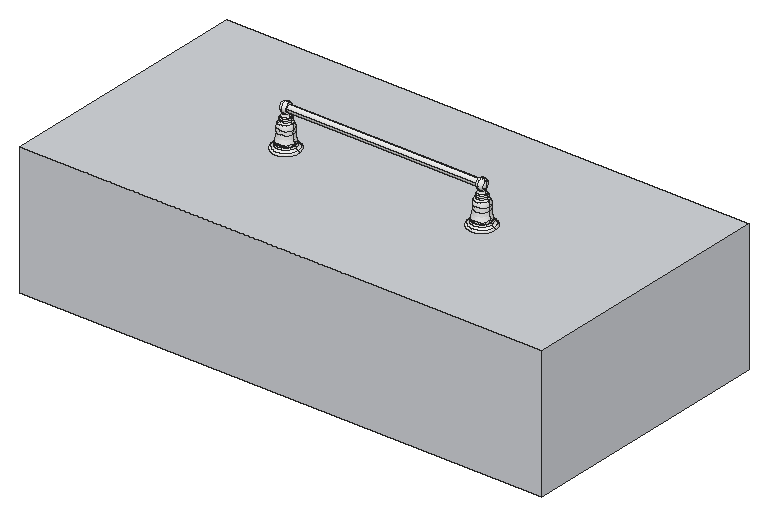
Revit family
Parameters (values of type "Chrome-Polished_Chrome-CP")
  Width = 1' - 6"
  URL = "http://www.us.kohler.com"
  Product Page URL = "http://www.us.kohler.com/onlinecatalog/detail.jsp?prod_num=13500"
  Product Documentation Link = "http://www.us.kohler.com/onlinecatalog/pdf/1116341_4.pdf"
  Model = "K-13500"  # constant formula
  Manufacturer = "Kohler"  # constant formula
  Length = 0' - 2.43694"
  Height = 0' - 3 7/8"
  Finish = Chrome-Kohler-CP-Polished_Chrome
  Description = "Kelston(TM) 18inch towel bar"  # constant formula
  Default Elevation = 0' - 0"
  Created By = "http://medialab3dstudio.com/"
  Assembly Code = "C1030200"
Types (3): name | Finish
  (no name) | Chrome-Kohler-CP-Polished_Chrome
  Chrome-Polished_Chrome-CP | Chrome-Kohler-CP-Polished_Chrome
  Nickel-Vibrant_Brushed_Nickel-BN | Nickel-Kohler-BN-Vibrant_Brushed_Nickel
Reference planes (in)
  plane 1 "Center (Front/Back)": y = 0
  plane 2 "Bottom": z = 0
  plane 3 "Center (Left/Right)": x = 0
  plane 4 "Left/center": x = -9
  plane 5 "Right/center": x = 9
  plane 6 "Back": y = 1.21847
  plane 7 "Front": y = -1.21847
  plane 8 "Top": z = 3.875
  plane 9: z = 3.39995
  plane 10: z = 0.1245
  plane 11: z = 0.34815
  plane 12: z = 0.44202
  plane 13: z = 0.51414
  plane 14: z = 0.64088
  plane 15: z = 1.40042
  plane 16: z = 1.77681
  plane 17: z = 2.13881
  plane 18: z = 2.49893
  plane 19: z = 2.57103
  plane 20: z = 2.65446
  plane 21: z = 2.99428
  plane 22: z = 3.09651
  plane 23: z = 3.39995
  plane 24: z = 3.74303
  plane 25: z = 2.35256
  plane 26: z = 3.70205
  plane 27 "left": x = -10.21847
  plane 28 "right": x = 10.21847
  plane 29: z = 0.1245
  plane 30: z = 0.34815
  plane 31: z = 0.44202
  plane 32: z = 0.53205
  plane 33: z = 0.64088
  plane 34: z = 1.40042
  plane 35: z = 2.13881
  plane 36: z = 2.35256
  plane 37: z = 2.57103
  plane 38: z = 2.65446
  plane 39: z = 3.09651
  plane 40: z = 2.9616
  plane 41: z = 1.75492
  plane 42: z = 2.492
Forms (in)
  Extrusion 1, solid
    sketch origin (0, 0, 0) x (1, 0, 0) y (0, 1, 0)
      loop
        line (-24, 12) -> (-24, -11.71124) -> (23.84302, -11.71124) -> (23.84302, 12) -> (-24, 12)
    from 0 to -12
  Extrusion 2, solid, material "Chrome-Kohler-CP-Polished_Chrome" <- "Finish"
    sketch origin (0, 0, 0) x (0, 1, 0) y (0, 0, 1)
      loop
        arc (0.30282, 3.39995) -> (0.21412, 3.61407) -> (0, 3.70276) r 0.30282
        arc (0, 3.70276) -> (-0.21412, 3.61407) -> (-0.30282, 3.39995) r 0.30282
        arc (-0.30282, 3.39995) -> (-0.21412, 3.18582) -> (0, 3.09713) r 0.30282
        arc (0, 3.09713) -> (0.21412, 3.18582) -> (0.30282, 3.39995) r 0.30282
    from -9 to 9
Lines and regions (in)
  Masking region 1, detail levels medium+fine
    outline origin (0, 0, 0) x (1, 0, 0) y (0, 0, 1)
      loop
        line (-9, 0) -> (-7.78153, 0)
        arc (-7.78153, 0) -> (-7.816, 0.08423) -> (-7.89762, 0.1245) r 0.12849
        arc (-7.89762, 0.1245) -> (-8.01949, 0.21725) -> (-8.099, 0.34815) r 0.41145
        arc (-8.099, 0.34815) -> (-8.11957, 0.40492) -> (-8.1672, 0.44202) r 0.10897
        arc (-8.1672, 0.44202) -> (-8.19037, 0.47491) -> (-8.19931, 0.51414) r 0.10388
        line (-8.19931, 0.51414) -> (-8.1969, 0.64088)
        arc (-8.1969, 0.64088) -> (-8.2942, 1.01469) -> (-8.31464, 1.40042) r 1.91846
        line (-8.31464, 1.40042) -> (-8.30807, 1.77681)
        arc (-8.30807, 1.77681) -> (-8.32958, 1.96385) -> (-8.39913, 2.13881) r 0.71555
        line (-8.39913, 2.13881) -> (-8.51878, 2.35256)
        arc (-8.51878, 2.35256) -> (-8.53136, 2.42522) -> (-8.52902, 2.49893) r 0.36348
        arc (-8.52902, 2.49893) -> (-8.53442, 2.53916) -> (-8.55956, 2.57103) r 0.0769
        line (-8.55956, 2.57103) -> (-8.64057, 2.65446)
        arc (-8.64057, 2.65446) -> (-8.7213, 2.81585) -> (-8.69439, 2.99428) r 0.29878
        arc (-8.69439, 2.99428) -> (-8.70839, 3.0584) -> (-8.76182, 3.09651) r 0.09118
        line (-8.76182, 3.09651) -> (0, 3.09651) -> (8.76182, 3.09651)
        arc (8.76182, 3.09651) -> (8.70839, 3.0584) -> (8.69439, 2.99428) r 0.09118
        arc (8.69439, 2.99428) -> (8.7213, 2.81585) -> (8.64057, 2.65446) r 0.29878
        line (8.64057, 2.65446) -> (8.55956, 2.57103)
        arc (8.55956, 2.57103) -> (8.53442, 2.53916) -> (8.52902, 2.49893) r 0.0769
        arc (8.52902, 2.49893) -> (8.53136, 2.42522) -> (8.51878, 2.35256) r 0.36348
        line (8.51878, 2.35256) -> (8.39913, 2.13881)
        arc (8.39913, 2.13881) -> (8.32958, 1.96385) -> (8.30807, 1.77681) r 0.71555
        line (8.30807, 1.77681) -> (8.31464, 1.40042)
        arc (8.31464, 1.40042) -> (8.2942, 1.01469) -> (8.1969, 0.64088) r 1.91846
        line (8.1969, 0.64088) -> (8.19931, 0.51414)
        arc (8.19931, 0.51414) -> (8.19037, 0.47491) -> (8.1672, 0.44202) r 0.10388
        arc (8.1672, 0.44202) -> (8.11957, 0.40492) -> (8.099, 0.34815) r 0.10897
        arc (8.099, 0.34815) -> (8.01949, 0.21725) -> (7.89762, 0.1245) r 0.41145
        arc (7.89762, 0.1245) -> (7.816, 0.08423) -> (7.78153, 0) r 0.12849
        line (7.78153, 0) -> (9, 0) -> (10.21847, 0)
        arc (10.21847, 0) -> (10.184, 0.08423) -> (10.10238, 0.1245) r 0.12849
        arc (10.10238, 0.1245) -> (9.98051, 0.21725) -> (9.901, 0.34815) r 0.41145
        arc (9.901, 0.34815) -> (9.88043, 0.40492) -> (9.8328, 0.44202) r 0.10897
        arc (9.8328, 0.44202) -> (9.80963, 0.47491) -> (9.80069, 0.51414) r 0.10388
        line (9.80069, 0.51414) -> (9.8031, 0.64088)
        arc (9.8031, 0.64088) -> (9.7058, 1.01469) -> (9.68536, 1.40042) r 1.91846
        line (9.68536, 1.40042) -> (9.69193, 1.77681)
        arc (9.69193, 1.77681) -> (9.67042, 1.96385) -> (9.60087, 2.13881) r 0.71555
        line (9.60087, 2.13881) -> (9.48122, 2.35256)
        arc (9.48122, 2.35256) -> (9.46864, 2.42522) -> (9.47098, 2.49893) r 0.36348
        arc (9.47098, 2.49893) -> (9.46558, 2.53916) -> (9.44044, 2.57103) r 0.0769
        line (9.44044, 2.57103) -> (9.35943, 2.65446)
        arc (9.35943, 2.65446) -> (9.2787, 2.81585) -> (9.30561, 2.99428) r 0.29878
        arc (9.30561, 2.99428) -> (9.29161, 3.0584) -> (9.23818, 3.09651) r 0.09118
        line (9.23818, 3.09651) -> (9.29655, 3.09651)
        arc (9.29655, 3.09651) -> (9.37056, 3.23978) -> (9.38932, 3.39995) r 0.45013
        arc (9.38932, 3.39995) -> (9.29313, 3.71817) -> (9, 3.875) r 0.43404
        arc (9, 3.875) -> (8.86162, 3.82986) -> (8.74479, 3.74303) r 0.45144
        line (8.74479, 3.74303) -> (8.74479, 3.70205) -> (0, 3.70205) -> (-8.74479, 3.70205) -> (-8.74479, 3.74303)
        arc (-8.74479, 3.74303) -> (-8.86005, 3.83289) -> (-9, 3.875) r 0.39737
        arc (-9, 3.875) -> (-9.28827, 3.71419) -> (-9.38932, 3.39995) r 0.45014
        arc (-9.38932, 3.39995) -> (-9.37056, 3.23978) -> (-9.29655, 3.09651) r 0.45013
        line (-9.29655, 3.09651) -> (-9.23818, 3.09651)
        arc (-9.23818, 3.09651) -> (-9.29161, 3.0584) -> (-9.30561, 2.99428) r 0.09118
        arc (-9.30561, 2.99428) -> (-9.2787, 2.81585) -> (-9.35943, 2.65446) r 0.29878
        line (-9.35943, 2.65446) -> (-9.44044, 2.57103)
        arc (-9.44044, 2.57103) -> (-9.46558, 2.53916) -> (-9.47098, 2.49893) r 0.0769
        arc (-9.47098, 2.49893) -> (-9.46864, 2.42522) -> (-9.48122, 2.35256) r 0.36348
        line (-9.48122, 2.35256) -> (-9.60087, 2.13881)
        arc (-9.60087, 2.13881) -> (-9.67042, 1.96385) -> (-9.69193, 1.77681) r 0.71555
        line (-9.69193, 1.77681) -> (-9.68536, 1.40042)
        arc (-9.68536, 1.40042) -> (-9.7058, 1.01469) -> (-9.8031, 0.64088) r 1.91846
        line (-9.8031, 0.64088) -> (-9.80069, 0.51414)
        arc (-9.80069, 0.51414) -> (-9.80963, 0.47491) -> (-9.8328, 0.44202) r 0.10388
        arc (-9.8328, 0.44202) -> (-9.88043, 0.40492) -> (-9.901, 0.34815) r 0.10897
        arc (-9.901, 0.34815) -> (-9.98051, 0.21725) -> (-10.10238, 0.1245) r 0.41145
        arc (-10.10238, 0.1245) -> (-10.184, 0.08423) -> (-10.21847, 0) r 0.12849
        line (-10.21847, 0) -> (-9, 0)
  Masking region 2, detail levels coarse
    outline origin (0, 0, 0) x (1, 0, 0) y (0, 0, 1)
      loop
        line (-10.21847, 3.875) -> (-10.21847, 0) -> (10.21847, 0) -> (10.21847, 3.875) -> (-10.21847, 3.875)
  Masking region 3, detail levels coarse
    outline origin (0, 0, 0) x (1, 0, 0) y (0, 1, 0)
      loop
        line (-10.21847, 1.21847) -> (-10.21847, -1.21847) -> (10.21847, -1.21847) -> (10.21847, 1.21847) -> (-10.21847, 1.21847)
  Masking region 4, detail levels medium+fine
    outline origin (0, 0, 0) x (1, 0, 0) y (0, 1, 0)
      loop
        arc (-10.21847, 0) -> (-9.15072, -1.20911) -> (-7.81881, -0.29912) r 1.21847
        line (-7.81881, -0.29912) -> (7.81881, -0.29912)
        arc (7.81881, -0.29912) -> (9.15072, -1.20911) -> (10.21847, 0) r 1.21847
        arc (10.21847, 0) -> (9.1562, 1.20842) -> (7.82157, 0.30982) r 1.21847
        line (7.82157, 0.30982) -> (-7.82157, 0.30982)
        arc (-7.82157, 0.30982) -> (-9.1562, 1.20842) -> (-10.21847, 0) r 1.21847
  Masking region 5, detail levels coarse
    outline origin (0, 0, 0) x (0, 1, 0) y (0, 0, 1)
      loop
        line (1.21847, 3.85963) -> (-1.21847, 3.85963) -> (-1.21847, 0) -> (1.21847, 0) -> (1.21847, 3.85963)
  Masking region 6, detail levels medium+fine
    outline origin (0, 0, 0) x (0, 1, 0) y (0, 0, 1)
      loop
        arc (1.21847, 0) -> (1.18604, 0.08614) -> (1.10238, 0.1245) r 0.12092
        arc (1.10238, 0.1245) -> (0.98535, 0.22161) -> (0.901, 0.34815) r 0.5259
        arc (0.901, 0.34815) -> (0.88093, 0.40528) -> (0.8328, 0.44202) r 0.10572
        arc (0.8328, 0.44202) -> (0.80561, 0.4831) -> (0.80003, 0.53205) r 0.10557
        line (0.80003, 0.53205) -> (0.80003, 0.64088)
        arc (0.80003, 0.64088) -> (0.70881, 1.01553) -> (0.68536, 1.40042) r 2.16923
        line (0.68536, 1.40042) -> (0.68536, 1.75492)
        arc (0.68536, 1.75492) -> (0.66399, 1.95146) -> (0.60087, 2.13881) r 0.91439
        line (0.60087, 2.13881) -> (0.4798, 2.35256)
        arc (0.4798, 2.35256) -> (0.46867, 2.42184) -> (0.47005, 2.492) r 0.39258
        arc (0.47005, 2.492) -> (0.46446, 2.53519) -> (0.43972, 2.57103) r 0.09243
        line (0.43972, 2.57103) -> (0.35914, 2.65446)
        arc (0.35914, 2.65446) -> (0.28246, 2.79867) -> (0.29386, 2.9616) r 0.29627
        arc (0.29386, 2.9616) -> (0.30151, 3.0437) -> (0.23818, 3.09651) r 0.08854
        line (0.23818, 3.09651) -> (0.34531, 3.09651)
        arc (0.34531, 3.09651) -> (0.41881, 3.58945) -> (0, 3.85963) r 0.45969
        arc (0, 3.85963) -> (-0.41881, 3.58945) -> (-0.34531, 3.09651) r 0.45969
        line (-0.34531, 3.09651) -> (-0.23818, 3.09651)
        arc (-0.23818, 3.09651) -> (-0.30151, 3.0437) -> (-0.29386, 2.9616) r 0.08854
        arc (-0.29386, 2.9616) -> (-0.28246, 2.79867) -> (-0.35914, 2.65446) r 0.29627
        line (-0.35914, 2.65446) -> (-0.43972, 2.57103)
        arc (-0.43972, 2.57103) -> (-0.46446, 2.53519) -> (-0.47005, 2.492) r 0.09243
        arc (-0.47005, 2.492) -> (-0.46867, 2.42184) -> (-0.4798, 2.35256) r 0.39258
        line (-0.4798, 2.35256) -> (-0.60087, 2.13881)
        arc (-0.60087, 2.13881) -> (-0.66399, 1.95146) -> (-0.68536, 1.75492) r 0.91439
        line (-0.68536, 1.75492) -> (-0.68536, 1.40042)
        arc (-0.68536, 1.40042) -> (-0.70881, 1.01553) -> (-0.80003, 0.64088) r 2.16923
        line (-0.80003, 0.64088) -> (-0.80003, 0.53205)
        arc (-0.80003, 0.53205) -> (-0.80561, 0.4831) -> (-0.8328, 0.44202) r 0.10557
        arc (-0.8328, 0.44202) -> (-0.88093, 0.40528) -> (-0.901, 0.34815) r 0.10572
        arc (-0.901, 0.34815) -> (-0.98535, 0.22161) -> (-1.10238, 0.1245) r 0.5259
        arc (-1.10238, 0.1245) -> (-1.18604, 0.08614) -> (-1.21847, 0) r 0.12092
        line (-1.21847, 0) -> (1.21847, 0)
  symbolic lines, detail levels fine
    curve 1: arc (-10.10238, 0, 0) -> (-9, 1.10238, 0) -> (-7.89762, 0, 0) r 1.10238
    curve 2: arc (-7.89762, 0, 0) -> (-9, -1.10238, 0) -> (-10.10238, 0, 0) r 1.10238
    curve 3: arc (-8.1672, 0, 0) -> (-9, -0.8328, 0) -> (-9.8328, 0, 0) r 0.8328
    curve 4: arc (-9.8328, 0, 0) -> (-9, 0.8328, 0) -> (-8.1672, 0, 0) r 0.8328
    curve 5: arc (-9.68536, 0, 0) -> (-9, 0.68536, 0) -> (-8.31464, 0, 0) r 0.68536
    curve 6: arc (-8.31464, 0, 0) -> (-9, -0.68536, 0) -> (-9.68536, 0, 0) r 0.68536
    curve 7: arc (-8.5202, 0, 0) -> (-9, -0.4798, 0) -> (-9.4798, 0, 0) r 0.4798
    curve 8: arc (-9.4798, 0, 0) -> (-9, 0.4798, 0) -> (-8.5202, 0, 0) r 0.4798
    curve 9: arc (-8.76182, 0, 0) -> (-9, 0.23818, 0) -> (-9.23818, 0, 0) r 0.23818
    curve 10: arc (-9.23818, 0, 0) -> (-9, -0.23818, 0) -> (-8.76182, 0, 0) r 0.23818
    curve 11: arc (10.10238, 0, 0) -> (9, -1.10238, 0) -> (7.89762, 0, 0) r 1.10238
    curve 12: arc (7.89762, 0, 0) -> (9, 1.10238, 0) -> (10.10238, 0, 0) r 1.10238
    curve 13: arc (8.1672, 0, 0) -> (9, 0.8328, 0) -> (9.8328, 0, 0) r 0.8328
    curve 14: arc (9.8328, 0, 0) -> (9, -0.8328, 0) -> (8.1672, 0, 0) r 0.8328
    curve 15: arc (9.68536, 0, 0) -> (9, -0.68536, 0) -> (8.31464, 0, 0) r 0.68536
    curve 16: arc (8.31464, 0, 0) -> (9, 0.68536, 0) -> (9.68536, 0, 0) r 0.68536
    curve 17: arc (8.5202, 0, 0) -> (9, 0.4798, 0) -> (9.4798, 0, 0) r 0.4798
    curve 18: arc (9.4798, 0, 0) -> (9, -0.4798, 0) -> (8.5202, 0, 0) r 0.4798
    curve 19: arc (8.76182, 0, 0) -> (9, -0.23818, 0) -> (9.23818, 0, 0) r 0.23818
    curve 20: arc (9.23818, 0, 0) -> (9, 0.23818, 0) -> (8.76182, 0, 0) r 0.23818
    curve 21: line (0, 0.23818, 3.09651) -> (0, -0.23818, 3.09651)
    curve 22: line (-8.73642, 0, 3.09651) -> (-8.73642, 0, 3.74303)
    curve 23: line (-9.2966, 0, 3.09651) -> (-8.73642, 0, 3.09651)
    curve 24: line (8.73642, 0, 3.09651) -> (8.73642, 0, 3.74303)
    curve 25: line (9.2966, 0, 3.09651) -> (8.73642, 0, 3.09651)
Dimensions and locks (in)
  equal spacing: plane 4 "Left/center", plane 3 "Center (Left/Right)", plane 5 "Right/center"
  "Width": plane 4 "Left/center" to plane 5 "Right/center"
  equal spacing: plane 6 "Back", plane 1 "Center (Front/Back)", plane 7 "Front"
  "Length": plane 6 "Back" to plane 7 "Front"
  "Height": plane 8 "Top" to plane 2 "Bottom"
  locked: plane 4 "Left/center" to plane 27 "left" at 1.21847
  locked: plane 28 "right" to plane 5 "Right/center" at 1.21847
  aligned and locked: plane 2 "Bottom" to Extrusion 1
  aligned and locked: level to Extrusion 1
  aligned and locked: plane 5 "Right/center" to nested 1
  aligned and locked: plane 1 "Center (Front/Back)" to nested 1
  aligned and locked: plane 4 "Left/center" to nested 2
  aligned and locked: nested 2 to plane 1 "Center (Front/Back)"
  aligned: plane 8 "Top" to nested 2
  aligned: nested 1 to plane 8 "Top"
  aligned and locked: nested 2 to plane 2 "Bottom"
  aligned and locked: plane 2 "Bottom" to nested 1
  aligned and locked: nested 1 to plane 9
  aligned and locked: plane 1 "Center (Front/Back)" to Extrusion 2 sketch curve
  aligned and locked: nested 1 to Extrusion 2 sketch curve  (x3)
  aligned and locked: plane 5 "Right/center" to Extrusion 2
  aligned and locked: Extrusion 2 to plane 4 "Left/center"
  aligned and locked: plane 6 "Back" to nested 2
  aligned and locked: plane 7 "Front" to nested 2
  aligned and locked: nested 1 to plane 7 "Front"
  aligned and locked: nested 1 to plane 6 "Back"
  aligned and locked: Masking region 1 sketch curve to nested 1
  aligned and locked: plane 10 to Masking region 1 sketch curve
  aligned and locked: plane 11 to Masking region 1 sketch curve
  aligned and locked: plane 12 to Masking region 1 sketch curve
  aligned and locked: plane 13 to Masking region 1 sketch curve
  aligned and locked: plane 14 to Masking region 1 sketch curve
  aligned and locked: plane 15 to Masking region 1 sketch curve
  aligned and locked: plane 16 to Masking region 1 sketch curve  (x2)
  aligned and locked: plane 17 to Masking region 1 sketch curve  (x2)
  aligned and locked: plane 25 to Masking region 1 sketch curve  (x2)
  aligned and locked: plane 18 to Masking region 1 sketch curve  (x2)
  aligned and locked: plane 19 to Masking region 1 sketch curve  (x2)
  aligned and locked: plane 20 to Masking region 1 sketch curve  (x2)
  aligned and locked: plane 21 to Masking region 1 sketch curve  (x2)
  aligned and locked: nested 2 to Masking region 1 sketch curve  (x4)
  aligned and locked: plane 8 "Top" to Masking region 1 sketch curve
  aligned and locked: plane 24 to Masking region 1 sketch curve
  aligned and locked: Masking region 1 sketch curve to plane 26
  aligned and locked: plane 28 "right" to nested 1
  aligned and locked: nested 2 to plane 27 "left"
  aligned and locked: Masking region 2 sketch curve to plane 8 "Top"
  aligned and locked: Masking region 2 sketch curve to plane 28 "right"
  aligned and locked: plane 2 "Bottom" to Masking region 2 sketch curve
  aligned and locked: plane 27 "left" to Masking region 2 sketch curve
  aligned and locked: Masking region 3 sketch curve to plane 6 "Back"
  aligned and locked: Masking region 3 sketch curve to plane 28 "right"
  aligned and locked: plane 7 "Front" to Masking region 3 sketch curve
  aligned and locked: plane 27 "left" to Masking region 3 sketch curve
  aligned and locked: Masking region 4 sketch curve to nested 2  (x2)
  aligned and locked: Masking region 4 sketch curve to nested 1  (x2)
  aligned and locked: curve 1 to nested 2
  aligned and locked: curve 2 to nested 2
  aligned and locked: curve 3 to nested 2
  aligned and locked: curve 4 to nested 2
  aligned and locked: curve 5 to nested 2
  aligned and locked: curve 6 to nested 2
  aligned and locked: curve 7 to nested 2
  aligned and locked: curve 8 to nested 2
  aligned and locked: curve 9 to nested 2
  aligned and locked: curve 10 to nested 2
  aligned and locked: curve 11 to nested 1
  aligned and locked: curve 12 to nested 1
  aligned and locked: curve 13 to nested 1
  aligned and locked: curve 14 to nested 1
  aligned and locked: curve 15 to nested 1
  aligned and locked: curve 16 to nested 1
  aligned and locked: curve 17 to nested 1
  aligned and locked: curve 18 to nested 1
  aligned and locked: curve 19 to nested 1
  aligned and locked: curve 20 to nested 1
  aligned and locked: Masking region 5 sketch curve to nested 2
  aligned and locked: nested 2 to Masking region 5 sketch curve
  aligned and locked: Masking region 5 sketch curve to plane 6 "Back"
  aligned and locked: plane 2 "Bottom" to Masking region 5 sketch curve
  aligned and locked: plane 29 to nested 1
  aligned and locked: plane 30 to nested 1
  aligned and locked: plane 31 to nested 1
  aligned and locked: plane 33 to nested 1
  aligned and locked: plane 34 to nested 1
  aligned and locked: plane 35 to nested 1
  aligned and locked: plane 36 to nested 1
  aligned and locked: plane 37 to nested 1
  aligned and locked: plane 38 to nested 1
  aligned and locked: plane 39 to nested 1
  aligned and locked: Masking region 6 sketch curve to nested 2  (x3)
  aligned and locked: Masking region 6 sketch curve to nested 1
  aligned and locked: plane 29 to Masking region 6 sketch curve  (x2)
  aligned and locked: plane 30 to Masking region 6 sketch curve  (x2)
  aligned and locked: plane 31 to Masking region 6 sketch curve  (x2)
  aligned and locked: plane 32 to Masking region 6 sketch curve  (x2)
  aligned and locked: plane 33 to Masking region 6 sketch curve  (x2)
  aligned and locked: plane 34 to Masking region 6 sketch curve  (x2)
  aligned and locked: plane 41 to Masking region 6 sketch curve  (x2)
  aligned and locked: plane 35 to Masking region 6 sketch curve  (x2)
  aligned and locked: plane 36 to Masking region 6 sketch curve  (x2)
  aligned and locked: plane 37 to Masking region 6 sketch curve  (x2)
  aligned and locked: plane 42 to Masking region 6 sketch curve  (x2)
  aligned and locked: plane 38 to Masking region 6 sketch curve  (x2)
  aligned and locked: plane 40 to Masking region 6 sketch curve  (x2)
  aligned and locked: nested 2 to Masking region 6 sketch curve
  aligned and locked: Masking region 6 sketch curve to plane 39
  aligned and locked: nested 2 to curve 21
  aligned and locked: curve 22 to nested 2
  aligned and locked: curve 23 to nested 2
  aligned and locked: curve 24 to nested 1
  aligned and locked: curve 25 to nested 1
Automatic sketch dimensions
  Extrusion 1 sketch curve to Extrusion 1 sketch curve = 3' - 11.84302"
  Extrusion 1 sketch curve to Extrusion 1 sketch curve = 1' - 11.71124"
  Extrusion 2 sketch curve to Extrusion 2 sketch curve = 0' - 0.30282"
  Masking region 1 sketch curve to level = 0' - 0"  (x2)
  Masking region 1 sketch curve to plane 18 = 0' - 0"  (x6)
  Masking region 1 sketch curve to plane 4 "Left/center" = 0' - 0"
  Masking region 1 sketch curve to plane 15 = 0' - 0"  (x3)
  Masking region 1 sketch curve to plane 13 = 0' - 0"  (x3)
  Masking region 1 sketch curve to plane 14 = 0' - 0"  (x3)
  Masking region 1 sketch curve to plane 12 = 0' - 0"  (x3)
  Masking region 1 sketch curve to plane 11 = 0' - 0"  (x3)
  Masking region 1 sketch curve to plane 10 = 0' - 0"  (x3)
  Masking region 1 sketch curve to plane 3 "Center (Left/Right)" = 0' - 0"  (x2)
  Masking region 1 sketch curve to plane 16 = 0' - 0"  (x2)
  Masking region 1 sketch curve to plane 17 = 0' - 0"  (x2)
  Masking region 1 sketch curve to plane 25 = 0' - 0"  (x2)
  Masking region 1 sketch curve to plane 19 = 0' - 0"  (x2)
  Masking region 1 sketch curve to plane 20 = 0' - 0"  (x2)
  Masking region 1 sketch curve to plane 21 = 0' - 0"  (x2)
  Masking region 1 sketch curve to plane 24 = 0' - 0"
  Masking region 1 sketch curve to plane 5 "Right/center" = 0' - 0"  (x2)
  Masking region 1 sketch curve to plane 22 = 0' - 0"
  Masking region 1 sketch curve to plane 23 = 0' - 0"
  Masking region 1 sketch curve to plane 8 "Top" = 0' - 0"
  Masking region 1 sketch curve to plane 4 "Left/center" = 0' - 0.02351"
  Masking region 1 sketch curve to plane 4 "Left/center" = 0' - 0.04258"
  plane 21 to Masking region 1 sketch curve = 0' - 0.01391"  (x4)
  Masking region 1 sketch curve to plane 4 "Left/center" = 0' - 0.2155"
  Masking region 1 sketch curve to Masking region 1 sketch curve = 0' - 0.02268"  (x3)
  Masking region 1 sketch curve to Masking region 1 sketch curve = 0' - 0.05837"  (x2)
  Masking region 1 sketch curve to Masking region 1 sketch curve = 0' - 0.05382"  (x3)
  Masking region 1 sketch curve to Masking region 1 sketch curve = 0' - 0.09277"  (x2)
  Masking region 1 sketch curve to Masking region 1 sketch curve = 0' - 0.03533"  (x3)
  Masking region 1 sketch curve to Masking region 1 sketch curve = 0' - 0.04568"  (x3)
  Masking region 1 sketch curve to Masking region 1 sketch curve = 0' - 0.07622"  (x3)
  Masking region 1 sketch curve to Masking region 1 sketch curve = 0' - 0.01023"  (x3)
  Masking region 1 sketch curve to plane 21 = 0' - 0.13169"  (x3)
  Masking region 1 sketch curve to Masking region 1 sketch curve = 0' - 0.11965"  (x4)
  Masking region 1 sketch curve to plane 4 "Left/center" = 0' - 0.68536"
  Masking region 1 sketch curve to Masking region 1 sketch curve = 0' - 0.09106"  (x4)
  Masking region 1 sketch curve to plane 11 = 0' - 0.00728"  (x4)
  Masking region 1 sketch curve to plane 4 "Left/center" = 0' - 0.79227"
  Masking region 1 sketch curve to Masking region 1 sketch curve = 0' - 0.00842"  (x3)
  Masking region 1 sketch curve to Masking region 1 sketch curve = 0' - 0.00241"  (x4)
  Masking region 1 sketch curve to Masking region 1 sketch curve = 0' - 0.03211"  (x3)
  plane 13 to Masking region 1 sketch curve = 0' - 0.00302"  (x4)
  Masking region 1 sketch curve to level = 0' - 0.0034"  (x4)
  Masking region 1 sketch curve to Masking region 1 sketch curve = 0' - 0.18902"  (x3)
  Masking region 1 sketch curve to Masking region 1 sketch curve = 0' - 0.01236"  (x3)
  Masking region 1 sketch curve to plane 13 = 0' - 0.02158"  (x4)
  Masking region 1 sketch curve to plane 15 = 0' - 0.09185"  (x4)
  plane 16 to Masking region 1 sketch curve = 0' - 0.01249"  (x2)
  plane 23 to Masking region 1 sketch curve = 0' - 0.02892"  (x2)
  Masking region 1 sketch curve to plane 23 = 0' - 0.02856"
  plane 4 "Left/center" to Masking region 1 sketch curve = 0' - 0.2155"
  plane 4 "Left/center" to Masking region 1 sketch curve = 0' - 0.25521"
  plane 4 "Left/center" to Masking region 1 sketch curve = 0' - 0.68536"
  plane 4 "Left/center" to Masking region 1 sketch curve = 0' - 0.79227"
  Masking region 1 sketch curve to plane 5 "Right/center" = 0' - 2.60162"
  Masking region 1 sketch curve to plane 5 "Right/center" = 0' - 1.28627"
  Masking region 1 sketch curve to Masking region 1 sketch curve = 0' - 0.0678"
  Masking region 1 sketch curve to Masking region 1 sketch curve = 0' - 0.11609"
  Masking region 1 sketch curve to Masking region 1 sketch curve = 0' - 0.00352"
  Masking region 1 sketch curve to Masking region 1 sketch curve = 0' - 0.07173"
  Masking region 1 sketch curve to plane 18 = 0' - 0.04835"
  Masking region 1 sketch curve to plane 5 "Right/center" = 0' - 0.83124"
  Masking region 1 sketch curve to Masking region 1 sketch curve = 0' - 0.00657"
  Masking region 1 sketch curve to Masking region 1 sketch curve = 0' - 0.25744"
  Masking region 1 sketch curve to Masking region 1 sketch curve = 0' - 0.03054"
  Masking region 1 sketch curve to Masking region 1 sketch curve = 0' - 0.08101"
  Masking region 1 sketch curve to Masking region 1 sketch curve = 0' - 0.26819"
  Masking region 1 sketch curve to plane 5 "Right/center" = 0' - 0.25521"
  Masking region 1 sketch curve to Masking region 1 sketch curve = 0' - 0.06743"
  Masking region 1 sketch curve to plane 5 "Right/center" = 0' - 0.0599"
  Masking region 1 sketch curve to plane 5 "Right/center" = 0' - 0.04258"
  Masking region 1 sketch curve to plane 5 "Right/center" = 0' - 0.02351"
  plane 5 "Right/center" to Masking region 1 sketch curve = 0' - 0.2155"
  plane 5 "Right/center" to Masking region 1 sketch curve = 0' - 0.68536"
  plane 5 "Right/center" to Masking region 1 sketch curve = 0' - 0.79227"
  Masking region 4 sketch curve to Masking region 4 sketch curve = 0' - 0.00276"  (x2)
  Masking region 6 sketch curve to plane 7 "Front" = 0' - 0"
  plane 42 to Masking region 6 sketch curve = 0' - 0"  (x2)
  Masking region 6 sketch curve to plane 6 "Back" = 0' - 0"
  Masking region 6 sketch curve to plane 7 "Front" = 0' - 0.1577"
  plane 34 to Masking region 6 sketch curve = 0' - 0.06106"  (x2)
  Masking region 6 sketch curve to plane 7 "Front" = 0' - 1.63527"
  plane 7 "Front" to Masking region 6 sketch curve = 0' - 0.11609"
  level to Masking region 6 sketch curve = 0' - 0.00367"  (x2)
  plane 32 to Masking region 6 sketch curve = 0' - 0.01284"  (x2)
  plane 7 "Front" to Masking region 6 sketch curve = 0' - 0.31366"
  Masking region 6 sketch curve to Masking region 6 sketch curve = 0' - 0.00382"
  plane 42 to Masking region 6 sketch curve = 0' - 0.04277"
  plane 7 "Front" to Masking region 6 sketch curve = 0' - 0.35817"
  Masking region 6 sketch curve to Masking region 6 sketch curve = 0' - 0.07202"
  plane 30 to Masking region 6 sketch curve = 0' - 0.00501"  (x2)
  Masking region 6 sketch curve to Masking region 6 sketch curve = 0' - 0.08449"
  Masking region 6 sketch curve to Masking region 6 sketch curve = 0' - 0.22695"
  Masking region 6 sketch curve to Masking region 6 sketch curve = 0' - 0.12107"  (x2)
  Masking region 6 sketch curve to Masking region 6 sketch curve = 0' - 0.03034"  (x2)
  Masking region 6 sketch curve to Masking region 6 sketch curve = 0' - 0.08057"
  Masking region 6 sketch curve to Masking region 6 sketch curve = 0' - 0.05145"
  Masking region 6 sketch curve to Masking region 6 sketch curve = 0' - 0.10713"
  plane 1 "Center (Front/Back)" to Masking region 6 sketch curve = 0' - 0.22903"
  Masking region 6 sketch curve to plane 40 = 0' - 0.04832"
  Masking region 6 sketch curve to Masking region 6 sketch curve = 0' - 0.12564"
  Masking region 6 sketch curve to Masking region 6 sketch curve = 0' - 0.01851"
  Masking region 6 sketch curve to Masking region 6 sketch curve = 0' - 0.07419"
  Masking region 6 sketch curve to Masking region 6 sketch curve = 0' - 0.06528"
  Masking region 6 sketch curve to Masking region 6 sketch curve = 0' - 0.01903"
  Masking region 6 sketch curve to Masking region 6 sketch curve = 0' - 0.06154"
  Masking region 6 sketch curve to Masking region 6 sketch curve = 0' - 0.00975"
  plane 40 to Masking region 6 sketch curve = 0' - 0.10133"
  Masking region 6 sketch curve to plane 6 "Back" = 0' - 0.42308"
  Masking region 6 sketch curve to Masking region 6 sketch curve = 0' - 0.00463"
  Masking region 6 sketch curve to Masking region 6 sketch curve = 0' - 0.03277"
  Masking region 6 sketch curve to Masking region 6 sketch curve = 0' - 0.12086"
  Masking region 6 sketch curve to plane 32 = 0' - 0.04146"
  plane 1 "Center (Front/Back)" to curve 21 = 0' - 0.23818"
  curve 21 to plane 1 "Center (Front/Back)" = 0' - 0.23818"
  curve 22 to plane 8 "Top" = 0' - 0.13197"
  curve 23 to plane 4 "Left/center" = 0' - 0.2966"
  curve 24 to plane 8 "Top" = 0' - 0.13197"
  plane 5 "Right/center" to curve 25 = 0' - 0.2966"
Nested families (in)
  nested 1: "Furniture-Wall_Mount-Assembly-Kohler-13500" at (9, 0, 0), type "Furniture-Wall_Mount-Assembly-Kohler-13500"
  nested 2: "Furniture-Wall_Mount-Assembly-Kohler-13500" at (-9, 0, 0) x (-1, 0, 0) z (0, 0, 1), type "Furniture-Wall_Mount-Assembly-Kohler-13500"
Definition of nested family "Furniture-Wall_Mount-Assembly-Kohler-13500"
  Parameters (values of type "Furniture-Wall_Mount-Assembly-Kohler-13500")
    Width = 0' - 2.43694"
    Length = 0' - 2.43694"
    Height = 0' - 3.85963"
    Finish = none
    Default Elevation = 4' - 0"
    Assembly Code = ""
  Reference planes (in)
    plane 1 "Center (Front/Back)": y = 0
    plane 2 "Bottom": z = 0
    plane 3 "Center (Left/Right)": x = 0
    plane 4 "Left": x = -1.21847
    plane 5: z = 2.84819
    plane 6: z = 4.0788
    plane 7: z = 3.09651
    plane 8: x = -0.45065
    plane 9: x = 0.41041
    plane 10: x = -0.26358
    plane 11: z = 3.39995
    plane 12 "Right": x = 1.21847
    plane 13 "Top": z = 3.85963
    plane 14: y = 1.21847
    plane 15: y = -1.21847
  Forms (in)
    Extrusion 1, solid
      sketch origin (0, 0, 0) x (1, 0, 0) y (0, 1, 0)
        loop
          line (-48, 48) -> (-48, -48) -> (48, -48) -> (48, 48) -> (-48, 48)
      from 0 to -12
    Sweep 2, solid, material <- "Finish"
      path origin (0, 0, 0) x (1, 0, 0) y (0, 1, 0)
        loop
          circle (0, 0) r 1.20313
      profile origin (0, 1.20312, 0) x (0, -1, 0) y (0, 0, 1)
        loop
          line (1.18965, 0) -> (1.18965, 3.09651) -> (0.96495, 3.09651)
          arc (0.96495, 3.09651) -> (0.9069, 3.05011) -> (0.90301, 2.97591) r 0.09071
          arc (0.90301, 2.97591) -> (0.91887, 2.80679) -> (0.84369, 2.65446) r 0.31166
          line (0.84369, 2.65446) -> (0.76269, 2.57103)
          arc (0.76269, 2.57103) -> (0.73882, 2.53703) -> (0.73334, 2.49585) r 0.08744
          arc (0.73334, 2.49585) -> (0.7347, 2.42376) -> (0.72332, 2.35256) r 0.40715
          line (0.72332, 2.35256) -> (0.60225, 2.13881)
          arc (0.60225, 2.13881) -> (0.53439, 1.94982) -> (0.51313, 1.75014) r 0.84336
          line (0.51313, 1.75014) -> (0.51776, 1.40042)
          arc (0.51776, 1.40042) -> (0.49592, 1.01491) -> (0.40002, 0.64088) r 1.98943
          line (0.40002, 0.64088) -> (0.40222, 0.51707)
          arc (0.40222, 0.51707) -> (0.39427, 0.47615) -> (0.37033, 0.44202) r 0.10007
          arc (0.37033, 0.44202) -> (0.32412, 0.40388) -> (0.30213, 0.34815) r 0.11991
          arc (0.30213, 0.34815) -> (0.22136, 0.21839) -> (0.10075, 0.1245) r 0.4358
          arc (0.10075, 0.1245) -> (0.01893, 0.08442) -> (-0.01535, 0) r 0.12769
          line (-0.01535, 0) -> (1.18965, 0)
    Revolve 3, solid, material <- "Finish"
      sketch origin (-2.01186, 0, -7.90366) x (0, 0, 1) y (1, 0, 0)
        loop
          line (11.3036, 2.4001) -> (11.3036, 1.62363)
          arc (11.3036, 1.62363) -> (11.45136, 1.6418) -> (11.5875, 1.70204) r 0.50782
          arc (11.5875, 1.70204) -> (11.71421, 1.83493) -> (11.76329, 2.01186) r 0.37774
          arc (11.76329, 2.01186) -> (11.71421, 2.1888) -> (11.5875, 2.32169) r 0.37774
          arc (11.5875, 2.32169) -> (11.45136, 2.38193) -> (11.3036, 2.4001) r 0.50782
        axis (11.3036, 2.4001) -> (11.3036, 1.62363)
      angle from 0 to 360
    Extrusion 4, void
      sketch origin (-3.09651, 0, -5.60005) x (0, 0, 1) y (-1, 0, 0)
        loop
          line (8.44825, -3.50691) -> (8.69656, -3.50691) -> (8.69656, -2.83293) -> (9.67885, -2.83293) -> (9.67885, -2.64586) -> (8.44825, -2.64586) -> (8.44825, -3.50691)
      from -1.21847 to 1.21847
  Cuts and joins
    Extrusion 4 cuts Revolve 3
    joined: Sweep 2, Revolve 3
  Dimensions and locks (in)
    locked: plane 11 to plane 2 "Bottom" at 3.39995
    plane 9 to plane 3 "Center (Left/Right)" to plane 10 to plane 8 = 0' - 0.41041" locked, 0' - 0.26358" locked, 0' - 0.18707" locked
    plane 6 to plane 13 "Top" to plane 7 to plane 5 = 0' - 0.21916" locked, 0' - 0.76312" locked, 0' - 0.24831" locked
    equal spacing: plane 4 "Left", plane 3 "Center (Left/Right)", plane 12 "Right"
    "Width": plane 4 "Left" to plane 12 "Right"
    "Height": plane 13 "Top" to plane 2 "Bottom"
    equal spacing: plane 15, plane 1 "Center (Front/Back)", plane 14
    "Length": plane 15 to plane 14
    aligned and locked: plane 2 "Bottom" to Extrusion 1
    aligned and locked: level to Extrusion 1
    aligned and locked: plane 1 "Center (Front/Back)" to Sweep 2
    aligned and locked: Revolve 3 sketch curve to Revolve 3 sketch curve
    aligned and locked: Extrusion 4 sketch curve to plane 5
    aligned and locked: Extrusion 4 sketch curve to plane 7
    aligned and locked: plane 6 to Extrusion 4 sketch curve
    aligned and locked: Extrusion 4 sketch curve to plane 8
    aligned and locked: Extrusion 4 sketch curve to plane 9
    aligned and locked: plane 10 to Extrusion 4 sketch curve
    aligned and locked: plane 11 to Revolve 3 sketch curve
    aligned and locked: Extrusion 4 to plane 14
    aligned and locked: plane 15 to Extrusion 4
  Automatic sketch dimensions
    Extrusion 1 sketch curve to Extrusion 1 sketch curve = 8' - 0"  (x2)
    plane 1 "Center (Front/Back)" to Sweep 2 sketch curve = 0' - 0"
    Sweep 2 sketch curve to plane 3 "Center (Left/Right)" = 0' - 0"
    Sweep 2 sketch curve to level = 0' - 0"
    profile plane to Sweep 2 sketch curve = 0' - 1.47003"
    profile plane to Sweep 2 sketch curve = 0' - 0.10251"
    profile plane to Sweep 2 sketch curve = 0' - 0.01535"
    Sweep 2 sketch curve to profile plane = 0' - 0.10075"
    Sweep 2 sketch curve to level = 0' - 0.00267"
    Sweep 2 sketch curve to profile plane = 0' - 0.11231"
    Sweep 2 sketch curve to Sweep 2 sketch curve = 0' - 0.20138"
    Sweep 2 sketch curve to Sweep 2 sketch curve = 0' - 0.00004"
    Sweep 2 sketch curve to profile plane = 0' - 0.32854"
    Sweep 2 sketch curve to Sweep 2 sketch curve = 0' - 0.06816"
    Sweep 2 sketch curve to Sweep 2 sketch curve = 0' - 0.09786"
    Sweep 2 sketch curve to Sweep 2 sketch curve = 0' - 0.0319"
    Sweep 2 sketch curve to Sweep 2 sketch curve = 0' - 0 13/256"
    Sweep 2 sketch curve to profile plane = 0' - 0.51313"
    Sweep 2 sketch curve to Sweep 2 sketch curve = 0' - 0.00464"
    Sweep 2 sketch curve to Sweep 2 sketch curve = 0' - 0.08913"
    Sweep 2 sketch curve to Sweep 2 sketch curve = 0' - 0.28384"
    Sweep 2 sketch curve to Sweep 2 sketch curve = 0' - 0.12107"
    Sweep 2 sketch curve to Sweep 2 sketch curve = 0' - 0.01002"
    Sweep 2 sketch curve to Sweep 2 sketch curve = 0' - 0"  (x2)
    Sweep 2 sketch curve to Sweep 2 sketch curve = 0' - 0.02934"
    Sweep 2 sketch curve to Sweep 2 sketch curve = 0' - 0.05759"
    Sweep 2 sketch curve to Sweep 2 sketch curve = 0' - 0.08101"
    Sweep 2 sketch curve to Sweep 2 sketch curve = 0' - 0.29062"
    Sweep 2 sketch curve to Sweep 2 sketch curve = 0' - 0.06194"
    Sweep 2 sketch curve to Sweep 2 sketch curve = 0' - 0.08459"
    Sweep 2 sketch curve to Sweep 2 sketch curve = 0' - 0.76853"
    Sweep 2 sketch curve to Sweep 2 sketch curve = 0' - 0.84328"
    level to Sweep 2 sketch curve = 0' - 0.3334"
    Sweep 2 sketch curve to Sweep 2 sketch curve = 0' - 0.01475"
    Sweep 2 sketch curve to Sweep 2 sketch curve = 0' - 0.07327"
    Sweep 2 sketch curve to Sweep 2 sketch curve = 0' - 0.12381"
    level to Sweep 2 sketch curve = 0' - 1.31966"
    Sweep 2 sketch curve to Sweep 2 sketch curve = 0' - 0.34972"
    Sweep 2 sketch curve to Sweep 2 sketch curve = 0' - 0.01118"
    Sweep 2 sketch curve to Sweep 2 sketch curve = 0' - 0.21375"
    Sweep 2 sketch curve to Sweep 2 sketch curve = 0' - 0.0996"
    Sweep 2 sketch curve to Sweep 2 sketch curve = 0' - 0.08344"
    Sweep 2 sketch curve to Sweep 2 sketch curve = 0' - 0.20888"
    Revolve 3 sketch curve to plane 3 "Center (Left/Right)" = 0' - 0"
    Revolve 3 sketch curve to plane 13 "Top" = 0' - 0"
    plane 11 to Revolve 3 sketch curve = 0' - 0.01256"  (x2)
    Revolve 3 sketch curve to plane 3 "Center (Left/Right)" = 0' - 0.00947"
    plane 11 to Revolve 3 sketch curve = 0' - 0.08207"
    plane 3 "Center (Left/Right)" to Revolve 3 sketch curve = 0' - 0.00947"
    Revolve 3 sketch curve to Revolve 3 sketch curve = 0' - 0"  (x5)
    Revolve 3 sketch curve to plane 13 "Top" = 0' - 0 45/256"
    Revolve 3 sketch curve to Revolve 3 sketch curve = 0' - 0.2839"
    radius of Sweep 2 sketch curve = 0' - 1 13/64"
